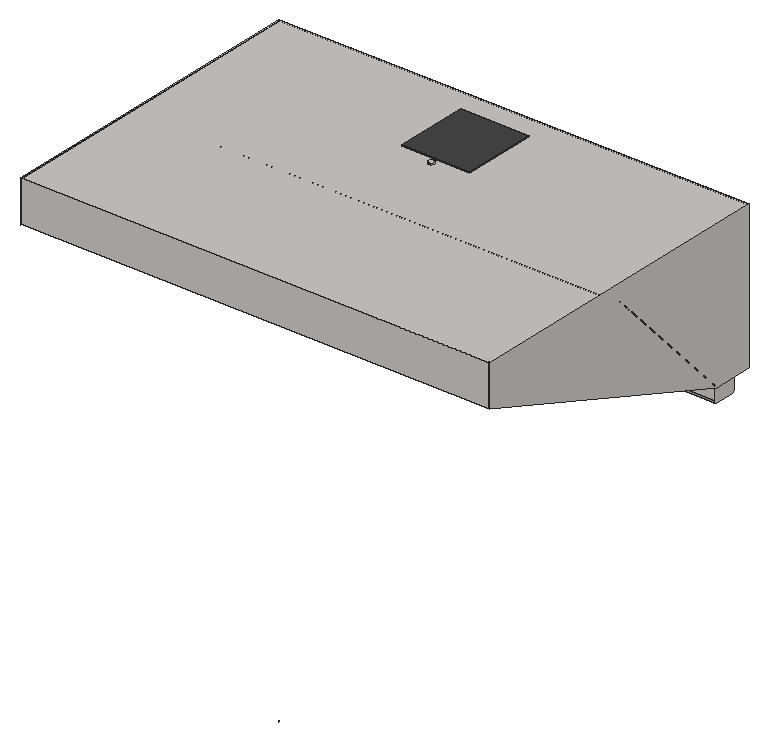
Revit family "QF_ELECTROLUXPROFESSIONAL_644192_AMPV1116BT", category Specialty Equipment, Revit 2014
Reference planes
  plane 1 "Center (Front/Back)": y = 0
  plane 2: z = 0
  plane 3 "Center (Left/Right)": x = 150
  plane 4 "LEFT": x = -650
  plane 5 "RIGHT": x = 950
  plane 6 "BACK": y = 550
  plane 7 "FRONT": y = -550
  plane 8 "Plane": z = 2000
  plane 9 "TOP": z = 2140
  plane 10 "Base": z = 1640
  plane 11: z = 1566
  plane 12 "DrainY": y = 485
  plane 13: x = -647
  plane 14: through (0, 414.509, 1640.8) normal (0, 0.7314, 0.682)
  plane 15: y = 470
  plane 16: y = 220
  plane 17 "DrainX": x = 830
  plane 18: x = 33.5
  plane 19: x = 266.5
  plane 20: x = 947
  plane 21: x = 740
  plane 22: x = 920
  plane 23: x = -450
  plane 24: x = 750
  plane 25: x = -47.5
  plane 26: x = 347.5
  plane 27: y = 200
Forms (mm)
  Extrusion 1, solid, material "QF_Finishes_Stainless Steel"
    sketch origin (-650, 0, 0) x (0, 1, 0) y (0, 0, 1)
      loop
        line (550, 1640) -> (550, 2140) -> (-550, 2140) -> (-550, 1999.112) -> (413.973, 1640) -> (550, 1640)
    from 0 to 3
  Extrusion 2, solid, material "QF_Finishes_Stainless Steel"
    sketch origin (150, 0, 0) x (0, 1, 0) y (0, 0, 1)
      loop
        line (415.255, 1640) -> (550, 1640) -> (550, 2139.19) -> (549.2, 2139.19) -> (549.2, 1640.8) -> (415.876, 1640.8) -> (339.347, 1722.867) -> (349.609, 1732.436) -> (348.927, 1733.167) -> (337.934, 1722.917) -> (415.255, 1640)
      loop
        line (-82.203, 2139.19) -> (-82.203, 2118.6) -> (-31.047, 2118.6) -> (34.354, 2048.466) -> (46.028, 2059.352) -> (45.346, 2060.083) -> (34.403, 2049.879) -> (-30.612, 2119.6) -> (-81.203, 2119.6) -> (-81.203, 2139.19) -> (-82.203, 2139.19)
    from -797 to 797
  Extrusion 3, solid, material "QF_Finishes_Stainless Steel"
    sketch origin (950, 0, 0) x (0, 1, 0) y (0, 0, 1)
      loop
        line (550, 1640) -> (550, 2140) -> (-550, 2140) -> (-550, 1999.112) -> (413.973, 1640) -> (550, 1640)
    from 0 to -3
  Extrusion 4, solid, material "QF_Finishes_Stainless Steel"
    sketch origin (150, 0, 0) x (0, 1, 0) y (0, 0, 1)
      loop
        line (-550, 2140) -> (-550, 2000) -> (-549.2, 2000) -> (-549.2, 2139.19) -> (550, 2139.19) -> (550, 2140) -> (-550, 2140)
    from -800 to 800
  Extrusion 5, solid, material "QF_Finishes_Stainless Steel"
    sketch origin (150, 0, 0) x (0, 1, 0) y (0, 0, 1)
      loop
        line (534, 1640) -> (436, 1640) -> (436, 1627) -> (443.5, 1627) -> (443.5, 1576)
        arc (443.5, 1576) -> (446.429, 1568.929) -> (453.5, 1566) r 10
        line (453.5, 1566) -> (516.5, 1566)
        arc (516.5, 1566) -> (523.571, 1568.929) -> (526.5, 1576) r 10
        line (526.5, 1576) -> (526.5, 1627) -> (534, 1627) -> (534, 1640)
    from 590 to 770
  Extrusion 6, solid, material "QF_Finishes_Stainless Steel"
    sketch origin (0, 0, 1640) x (0, 1, 0) y (-1, 0, 0)
      loop
        circle (485, -830) r 20
    from -76 to -74
  Extrusion 7, solid, material "QF_Finished_Chrome"
    sketch origin (150, 0, 0) x (0, 1, 0) y (0, 0, 1)
      loop
        line (337.934, 1722.917) -> (341.591, 1726.327) -> (38.011, 2051.876) -> (34.354, 2048.466) -> (337.934, 1722.917)
    from -197.5 to -600
  Extrusion 8, solid, material "QF_Finishes_Stainless Steel"
    sketch origin (150, 0, 0) x (0, 1, 0) y (0, 0, 1)
      loop
        line (337.934, 1722.917) -> (341.591, 1726.327) -> (38.011, 2051.876) -> (34.354, 2048.466) -> (337.934, 1722.917)
    from 797 to 600
  Extrusion 9, solid, material "QF_Finished_Chrome"
    sketch origin (150, 0, 0) x (0, 1, 0) y (0, 0, 1)
      loop
        line (341.588, 1726.324) -> (38.009, 2051.874) -> (34.354, 2048.466) -> (337.934, 1722.917) -> (341.588, 1726.324)
    from 197.5 to 600
  Extrusion 10, solid, material "QF_Finishes_Black"
    sketch origin (0, 0, 2140) x (0, 1, 0) y (-1, 0, 0)
      loop
        line (470, -266.5) -> (470, -33.5) -> (220, -33.5) -> (220, -266.5) -> (470, -266.5)
    from 5 to 0
  Extrusion 11, solid, material "QF_Finishes_Stainless Steel"
    sketch origin (0, 0, 0) x (1, 0, 0) y (0, 1, 0)
      loop
        line (-650, 550) -> (-650, 549) -> (-649, 549) -> (-649, 550) -> (-650, 550)
    from 0 to 1
  Extrusion 12, solid, material "QF_Finishes_Stainless Steel"
    sketch origin (150, 0, 0) x (0, 1, 0) y (0, 0, 1)
      loop
        line (337.934, 1722.917) -> (341.591, 1726.327) -> (38.011, 2051.876) -> (34.354, 2048.466) -> (337.934, 1722.917)
    from -600 to -797
  Extrusion 13, solid, material "QF_Finishes_Stainless Steel"
    sketch origin (150, 0, 0) x (0, 1, 0) y (0, 0, 1)
      loop
        line (337.934, 1722.917) -> (341.591, 1726.327) -> (38.011, 2051.876) -> (34.354, 2048.466) -> (337.934, 1722.917)
    from 197.5 to -197.5
  Extrusion 14, solid, material "QF_Finishes_Stainless Steel"
    sketch origin (0, 0, 2140) x (0, 1, 0) y (-1, 0, 0)
      loop
        circle (200, -150) r 10
    from 0 to 1.6
Cuts and joins
  joined: Extrusion 2, Extrusion 4
Lines and regions (mm)
  reference lines
    curve 1: line (150, 34.354, 2048.466) -> (150, 34.354, 1888.466)
  symbolic lines, style "SpecialityEquipment", detail levels coarse
    curve 2: line (950, 550, 2140) -> (-650, 550, 2140)
    curve 3: line (-650, 550, 2140) -> (-650, -550, 2140)
    curve 4: line (950, -550, 2140) -> (950, 550, 2140)
    curve 5: line (-650, -550, 2140) -> (950, -550, 2140)
    curve 6: line (266.5, 220, 2140) -> (33.5, 220, 2140)
    curve 7: line (266.5, 470, 2140) -> (266.5, 220, 2140)
    curve 8: line (33.5, 470, 2140) -> (266.5, 470, 2140)
    curve 9: line (33.5, 220, 2140) -> (33.5, 470, 2140)
    curve 10: line (-650, 550, 0) -> (950, -550, 0)
    curve 11: line (950, 550, 0) -> (-650, -550, 0)
Dimensions and locks
  plane 4 "LEFT" to plane 5 "RIGHT" = 1600 mm
  equal spacing: plane 4 "LEFT", plane 3 "Center (Left/Right)", plane 5 "RIGHT"
  locked: plane 8 "Plane" to level at 2000
  plane 9 "TOP" to plane 8 "Plane" = 140 mm
  locked: plane 9 "TOP" to plane 10 "Base" at 500
  plane 10 "Base" to plane 11 = 74 mm
  plane 6 "BACK" to plane 12 "DrainY" = 65 mm  (x2)
  plane 4 "LEFT" to plane 13 = 3 mm
  plane 6 "BACK" to plane 15 = 80 mm
  plane 15 to plane 16 = 250 mm  (x2)
  plane 17 "DrainX" to plane 5 "RIGHT" = 120 mm
  plane 20 to plane 5 "RIGHT" = 3 mm
  locked: plane 21 to plane 17 "DrainX" at 90
  locked: plane 17 "DrainX" to plane 22 at 90
  plane 6 "BACK" to plane 7 "FRONT" = 1100 mm  (x2)
  equal spacing: plane 6 "BACK", plane 1 "Center (Front/Back)", plane 7 "FRONT"
  plane 16 to plane 7 "FRONT" = 770 mm
  plane 15 to plane 6 "BACK" = 80 mm
  plane 4 "LEFT" to plane 23 = 200 mm
  plane 24 to plane 5 "RIGHT" = 200 mm
  locked: plane 25 to plane 26 at 395
  equal spacing: plane 25, plane 3 "Center (Left/Right)", plane 26
  locked: plane 18 to plane 19 at 233
  equal spacing: plane 18, plane 3 "Center (Left/Right)", plane 19
  plane 16 to plane 27 = 20 mm
  aligned and locked: level to plane 2
  aligned and locked: Extrusion 2 to Extrusion 1
  aligned and locked: Extrusion 2 to Extrusion 3
  aligned and locked: plane 5 "RIGHT" to Extrusion 4
  aligned and locked: Extrusion 4 to plane 4 "LEFT"
  aligned and locked: plane 20 to Extrusion 8
  aligned and locked: Extrusion 10 to plane 18
  aligned and locked: Extrusion 10 to plane 16
  aligned and locked: Extrusion 10 to plane 15
  aligned and locked: Extrusion 2 to Extrusion 4
  aligned and locked: plane 22 to Extrusion 5
  aligned and locked: Extrusion 5 to plane 21
  aligned and locked: Extrusion 8 to plane 24
  aligned and locked: Extrusion 9 to plane 24
  aligned and locked: Extrusion 7 to plane 23
  aligned and locked: Extrusion 12 to plane 13
  aligned and locked: plane 23 to Extrusion 12
  aligned and locked: Extrusion 3 to plane 20
  aligned and locked: Extrusion 10 to plane 19
  aligned and locked: plane 19 to curve 7
  aligned and locked: plane 26 to Extrusion 13
  aligned and locked: Extrusion 13 to plane 25
  aligned and locked: Extrusion 9 to plane 26
Automatic sketch dimensions
  curve 5 to plane 5 "RIGHT" = 0 mm
  curve 5 to plane 7 "FRONT" = 0 mm
  curve 6 to plane 16 = 0 mm
  plane 15 to curve 8 = 0 mm
  curve 3 to plane 4 "LEFT" = 0 mm
  curve 3 to plane 6 "BACK" = 0 mm
  curve 6 to plane 18 = 0 mm
  Extrusion 1 sketch curve to plane 7 "FRONT" = 0 mm
  Extrusion 1 sketch curve to plane 10 "Base" = 0 mm
  Extrusion 1 sketch curve to plane 6 "BACK" = 0 mm
  Extrusion 1 sketch curve to plane 9 "TOP" = 0 mm
  plane 15 to Extrusion 1 sketch curve = 56.027 mm
  Extrusion 1 sketch curve to plane 8 "Plane" = 0.888 mm
  Extrusion 2 sketch curve to plane 14 = 0 mm  (x3)
  Extrusion 2 sketch curve to plane 10 "Base" = 0 mm
  plane 14 to Extrusion 2 sketch curve = 0 mm
  Extrusion 2 sketch curve to plane 6 "BACK" = 0 mm
  Extrusion 2 sketch curve to Extrusion 2 sketch curve = 65.646 mm
  Extrusion 2 sketch curve to Extrusion 2 sketch curve = 0.682 mm  (x2)
  Extrusion 2 sketch curve to Extrusion 2 sketch curve = 10.261 mm
  plane 10 "Base" to Extrusion 2 sketch curve = 82.917 mm
  Extrusion 2 sketch curve to plane 1 "Center (Front/Back)" = 46.028 mm
  Extrusion 2 sketch curve to Extrusion 2 sketch curve = 10.942 mm
  Extrusion 2 sketch curve to Extrusion 2 sketch curve = 0.049 mm
  Extrusion 2 sketch curve to plane 9 "TOP" = 20.4 mm
  Extrusion 2 sketch curve to plane 9 "TOP" = 21.4 mm
  Extrusion 2 sketch curve to plane 9 "TOP" = 0.81 mm  (x2)
  Extrusion 2 sketch curve to Extrusion 2 sketch curve = 50.156 mm
  Extrusion 2 sketch curve to Extrusion 2 sketch curve = 1 mm
  plane 10 "Base" to Extrusion 2 sketch curve = 0.8 mm
  Extrusion 2 sketch curve to plane 6 "BACK" = 0.8 mm
  Extrusion 3 sketch curve to plane 7 "FRONT" = 0 mm
  Extrusion 3 sketch curve to plane 10 "Base" = 0 mm
  Extrusion 3 sketch curve to plane 6 "BACK" = 0 mm
  Extrusion 3 sketch curve to plane 9 "TOP" = 0 mm
  plane 15 to Extrusion 3 sketch curve = 56.027 mm
  Extrusion 3 sketch curve to plane 8 "Plane" = 0.888 mm
  Extrusion 4 sketch curve to plane 7 "FRONT" = 0 mm
  Extrusion 4 sketch curve to plane 8 "Plane" = 0 mm
  Extrusion 4 sketch curve to plane 6 "BACK" = 0 mm
  Extrusion 4 sketch curve to plane 9 "TOP" = 0 mm
  plane 7 "FRONT" to Extrusion 4 sketch curve = 0.8 mm
  Extrusion 4 sketch curve to plane 9 "TOP" = 0.81 mm
  curve 1 to plane 14 = 0 mm
  curve 1 to plane 1 "Center (Front/Back)" = 34.354 mm
  curve 1 to plane 8 "Plane" = 111.534 mm
  Extrusion 5 sketch curve to plane 10 "Base" = 0 mm
  Extrusion 5 sketch curve to plane 11 = 0 mm
  Extrusion 5 sketch curve to plane 10 "Base" = 13 mm  (x2)
  plane 15 to Extrusion 5 sketch curve = 34 mm
  Extrusion 5 sketch curve to Extrusion 5 sketch curve = 7.5 mm  (x2)
  Extrusion 5 sketch curve to Extrusion 5 sketch curve = 10 mm
  plane 12 "DrainY" to Extrusion 5 sketch curve = 31.5 mm
  Extrusion 5 sketch curve to plane 6 "BACK" = 23.5 mm
  Extrusion 6 sketch curve to plane 12 "DrainY" = 0 mm
  Extrusion 6 sketch curve to plane 17 "DrainX" = 0 mm
  Extrusion 7 sketch curve to plane 14 = 0 mm  (x2)
  Extrusion 7 sketch curve to plane 1 "Center (Front/Back)" = 34.354 mm
  Extrusion 7 sketch curve to Extrusion 7 sketch curve = 3.657 mm
  plane 10 "Base" to Extrusion 7 sketch curve = 82.917 mm
  Extrusion 8 sketch curve to plane 14 = 0 mm  (x2)
  Extrusion 8 sketch curve to plane 1 "Center (Front/Back)" = 34.354 mm
  Extrusion 8 sketch curve to Extrusion 8 sketch curve = 3.657 mm
  plane 10 "Base" to Extrusion 8 sketch curve = 82.917 mm
  Extrusion 9 sketch curve to plane 14 = 0 mm  (x2)
  Extrusion 9 sketch curve to plane 1 "Center (Front/Back)" = 34.354 mm
  Extrusion 9 sketch curve to Extrusion 9 sketch curve = 3.655 mm
  plane 10 "Base" to Extrusion 9 sketch curve = 82.917 mm
  Extrusion 10 sketch curve to plane 16 = 0 mm
  plane 15 to Extrusion 10 sketch curve = 0 mm
  Extrusion 10 sketch curve to plane 19 = 0 mm
  Extrusion 10 sketch curve to plane 18 = 0 mm
  Extrusion 11 sketch curve to plane 4 "LEFT" = 0 mm
  Extrusion 11 sketch curve to plane 6 "BACK" = 0 mm
  plane 4 "LEFT" to Extrusion 11 sketch curve = 1 mm
  Extrusion 11 sketch curve to Extrusion 11 sketch curve = 1 mm
  Extrusion 12 sketch curve to plane 14 = 0 mm  (x2)
  Extrusion 12 sketch curve to plane 1 "Center (Front/Back)" = 34.354 mm
  Extrusion 12 sketch curve to Extrusion 12 sketch curve = 3.657 mm
  plane 10 "Base" to Extrusion 12 sketch curve = 82.917 mm
  Extrusion 13 sketch curve to plane 14 = 0 mm  (x2)
  Extrusion 13 sketch curve to plane 1 "Center (Front/Back)" = 34.354 mm
  Extrusion 13 sketch curve to Extrusion 13 sketch curve = 3.657 mm
  plane 10 "Base" to Extrusion 13 sketch curve = 82.917 mm
  curve 11 to plane 4 "LEFT" = 0 mm
  curve 10 to plane 4 "LEFT" = 0 mm
  curve 11 to plane 5 "RIGHT" = 0 mm
  curve 10 to plane 5 "RIGHT" = 0 mm
  curve 10 to plane 7 "FRONT" = 0 mm
  curve 11 to plane 7 "FRONT" = 0 mm
  curve 11 to plane 6 "BACK" = 0 mm
  curve 10 to plane 6 "BACK" = 0 mm
  Extrusion 14 sketch curve to plane 3 "Center (Left/Right)" = 0 mm
  Extrusion 14 sketch curve to plane 27 = 0 mm
  radius of Extrusion 6 sketch curve = 20 mm
  radius of Extrusion 14 sketch curve = 10 mm
Connectors
  piping at (830, 485, 1564), diameter 20
    settings: on Extrusion 6, index 1, connector inside diameter 609.6 mm, connector length 0 mm, flow factor 0, pipe flow 0.0 L/s, pressure drop 0.0 Pa, fitting loss kfactor 0, connector angle 0.00°, fixture units 0, engagement length 0 mm, angle of deflection 0.00°, flow configuration 1, flow direction 2, fitting loss method 0, system type 16, joint type 0, gender type 0, connector reference index -1, connector utility 0, adjustable connector no, is connector primary yes, connector description "Drain"
  hvac at (150, 345, 2145)
    settings: on Extrusion 10, index 2, duct flow 0.0 L/s, flow factor 0, pres drop 0.0 Pa, loss coef 0, conn angle 0.00°, conn width 250 mm, conn height 233 mm, conn diameter 609.6 mm, duct sys type 3, conn prof type 1, flow config 1, flow direction 0, loss method 0, conn ref index -1, conn util no, is conn primary yes, conn desc "EXHAUST OUTLET"
  electrical at (150, 200, 2141.6)
    settings: on Extrusion 14, index 3, voltage 0 V, apparent load 0 VA, apparent load phase1 0 VA, apparent load phase2 0 VA, apparent load phase3 0 VA, power factor 1, load classification "Other", number of poles 1, system type 30, power factor state 1, is connector primary yes, connector utility no, sub classification motor no, connector description "Electrical Connection"
